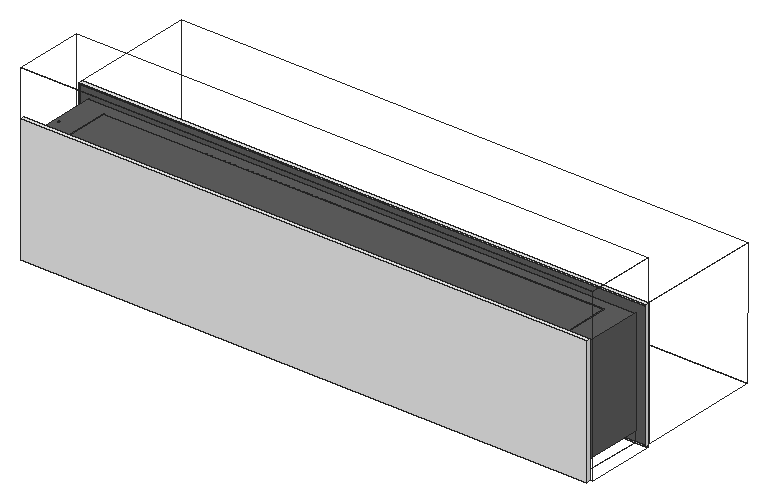
Revit family "AIRTECNICS_AIR CURTAIN_ZEN_ELECTRICAL HEATED (E)123", category Mechanical Equipment, Revit 2016
Family settings
  Part Type = Normal
  Round Connector Dimension = Use Diameter
  OmniClass Number = 23.75.70.21.17
  OmniClass Title = Air Curtains
  Work Plane-Based = No
  Always vertical = Yes
  Cut with Voids When Loaded = No
  Shared = No
  Room Calculation Point = No
Parameters (values of type "ZEN ECG 2000 E")
  · POSITION · [instance] = "-/ Select Curtain Position /-"  # constant formula
  · OTHERS · [instance] = "-/ Select Supports - Inst.Maint. Space /-"  # constant formula
  · HEATING · [instance] = "-/ Select Heating /-"  # constant formula
  Weight [instance] = size_lookup(Name_Lookup_Data, "Weight", 1.00 kg, COD)  # 100.00 kg
  Voltage [instance] = 400 V  # constant formula
  Vertical Right [instance] = no
  Vertical Left [instance] = no
  URL_Manufacturer = "https://www.airtecnics.com"
  URL_Datasheet = "https://www.airtecnics.com/download/file/1959/zen.pdf"
  Supports Length [instance] = 0.0 mm
  Supports (Horizontal) [instance] = if(and(Horizontal, Supports Length > 0.0 mm), 1 = 1, 1 = 0)  # no
  Revit Version = "Revit 2016 - English"  # constant formula
  Review Date = "10/2018"  # constant formula
  Remote Control = "IR-AIR"  # constant formula
  URL = "https://www.airtecnics.com/products/air-curtain-zen"
  Product Size = if(L = 1000.0 mm, "1000", if(L = 1500.0 mm, "1500", if(L = 2000.0 mm, "2000", "2500")))  # "2000"
  Product Reference [instance] = size_lookup(Name_Lookup_Ref, "", "Consult Manufacturer", COD)  # "ZEN ECG 2000 E"
  Product Heating [instance] = if(COD < 300, "E Standard", if(COD < 500, "E Limited 1/3", if(COD < 900, "E Limited 2/3", "Consult Manufacturer")))  # "E Standard"
  Product Description [instance] = size_lookup(Name_Lookup_Data, "", "Consult Manufacturer", COD)  # "Self-supporting casing construction made of galvanized steel plate, finished in structural epoxy-polyester painting white colour RAL9016 as standard. Other colours or stainless steel are available on request. \r\nMicro-perforated inlet grille with filter functions and easy service. It does not need prefilter.\r\nAnodized aluminium outlet vanes, airfoil shaped, adjustable from 0 to 15º each side.\r\nDouble-inlet centrifugal fans driven by an external rotor motor and low noise level. 5-speed selector. EC models assembled with very low consumption efficiency fans. \r\n“E” type with electrical shielded elements, three stages with integrated regulation. \r\nIncludes Plug&Play control with 7m RJ45 cable and infrared remote control. Optional: Clever control (programmable, automatic, intelligent, energy saving, Modbus RTU for BMS…)\r\nAir Volume: 5400 m3/h \r\nFans:  0,45 kW  3,9 A 230Vx1 50Hz\r\nHeating power: 10/20/30 kW (400Vx3)\r\nDimensions: 475x260x2000 mm (depth, height, length)"
  Power Fans Factor [instance] = (Power Fans) / (230 V * Current Fans)  # 0.4979
  Power Fans [instance] = size_lookup(Name_Lookup_Data, "Power Fans", 1 kW, COD)  # 0.426 kW
  Power Factor [instance] = size_lookup(Name_Lookup_Data, "Power Factor", 1, COD)  # 0.95872
  Noise Level (dB(A)) [instance] = size_lookup(Name_Lookup_Data, "Noise Level (dB(A))", 1, COD)  # 63
  Name_Lookup_Ref = "ZEN_(E)_Ref_Lookup"  # constant formula
  Name_Lookup_Data = "ZEN_(E)_Data_Lookup"  # constant formula
  Model = "Air Curtain ZEN E"  # constant formula
  Material Panels [instance] = AIRTECNICS_Alumium Anodized
  Material Grille = AIRTECNICS_Perforated_Black Forge
  Material Curtain [instance] = AIRTECNICS_Black Forge
  M = if(or(G, EC), 1 = 0, 1 = 1)  # no
  Length = if(L = 1000.0 mm, 1220.0 mm, if(L = 1500.0 mm, 1620.0 mm, if(L = 2000.0 mm, 2120.0 mm, 2620.0 mm)))  # 2120.0 mm
  Height = 291.0 mm  # constant formula
  G = yes
  Frequency = 50 Hz  # constant formula
  Fans Stage = 5  # constant formula
  Family Version = "1.0"  # constant formula
  Electrical Heating Capacity (kW) [instance] = if(COD = 211, "3/6/9", if(COD = 221, "4/8/12", if(COD = 241, "6/12/18", if(COD = 281, "6/12/18", if(COD = 212, "5/10/15", if(COD = 222, "7,5/15/22,5", if(COD = 242, "10/20/30", if(COD = 282, "10/20/30", if(COD = 214, "5/10/15", if(COD = 224, "7,5/15/22,5", if(COD = 244, "10/20/30", if(COD = 284, "10/20/30", if(COD = 411, "3/3/3", if(COD = 421, "4/4/4", if(COD = 441, "6/6/6", if(COD = 481, "6/6/6", if(COD = 412, "5/5/5", if(COD = 422, "7.5/7.5/7.5", if(COD = 442, "10/10/10", if(COD = 482, "10/10/10", if(COD = 414, "5/5/5", if(COD = 424, "7.5/7.5/7.5", if(COD = 444, "10/10/10", if(COD = 484, "10/10/10", if(COD = 811, "3/3/6", if(COD = 821, "4/4/8", if(COD = 841, "6/6/12", if(COD = 881, "6/6/12", if(COD = 812, "5/5/10", if(COD = 822, "7.5/7.5/7.5", if(COD = 842, "10/10/20", if(COD = 882, "10/10/20", if(COD = 814, "5/5/10", if(COD = 824, "7.5/7.5/7.5", if(COD = 844, "10/10/20", if(COD = 884, "10/10/20", "-"))))))))))))))))))))))))))))))))))))  # "10/20/30"
  Electrical + Current Fans [instance] = size_lookup(Name_Lookup_Data, "Electrical + Current Fans", 1 A, COD)  # 47.2013 A
  EC = yes
  E Standard [instance] = if(or([E Limited 1/3], [E Limited 2/3]), 1 = 0, 1 = 1)  # yes
  E Limited 2/3 [instance] = no
  E Limited 1/3 [instance] = no
  Depth = 473.0 mm  # constant formula
  Current Fans [instance] = size_lookup(Name_Lookup_Data, "Current Fans", 1 A, COD)  # 3.72 A
  Created by = "BIMETRICAL"  # constant formula
  Control [instance] = "CE-5AW-IR"  # constant formula
  Cable = "CB7"  # constant formula
  COD [instance] = if(M, 1, 0) + if(and(G, not(EC)), 2, 0) + if(and(EC, G), 4, 0) + if(L = 1000.0 mm, 10, 0) + if(L = 1500.0 mm, 20, 0) + if(L = 2000.0 mm, 40, 0) + if(L = 2500.0 mm, 80, 0) + if(E Standard, 200, 0) + if([E Limited 1/3], 400, 0) + if([E Limited 2/3], 800, 0)  # 244
  Aspiration/Maintenance Space [instance] = yes
  Airflow [instance] = size_lookup(Name_Lookup_Data, "Airflow", 1 m³/h, COD)  # 5400 m³/h
  A [instance] = if(Horizontal, 236.5 mm, 0.0 mm)  # 236.5 mm
  L = 2000.0 mm
  Type Image = <None>
  IfcExportType = "ELECTRICHEATINGCOIL"  # constant formula
  IfcExportAs = "IfcCoilType"  # constant formula
  Horizontal [instance] = if(or(Vertical Left, Vertical Right), 1 = 0, 1 = 1)  # yes
  Manufacturer = "AIRTECNICS"  # constant formula
  Description = ""
  Type Comments = "Decorative air curtain in contemporary architectural style. Its minimalist and smart design integrates in any environment and offers infinite options to customize.\r\nThe panels can include logos, lighting, signage, safety or information signs, graphics, pictures, clocks, all according to customer specifications.\r\nFront anodized aluminium panels. Optionally manufactured in brushed or mirror polished stainless steel. Other materials are possible, such as galvanized steel, smooth or texturated skinplate, wood, etc.\r\nCentral structure made of galvanized steel finished in black forge as standard. Other colours are available on request.\r\nAnodized aluminium outlet vanes, airfoil shaped, adjustable in both directions.\r\nDouble-inlet centrifugal fans driven by an external rotor motor and low noise level. 5-speed selector. EC models assembled with very low consumption efficiency fans.\r\n“P” type with water heated coil. “E” type with electrical shielded elements, three stages with integrated regulation. “A” type without heating, air only. Optional expansion DX coil.\r\nIncludes Plug&Play control with 7m RJ45 cable and infrared remote control. Optional: Clever control (programmable, automatic, intelligent, energy saving, Modbus RTU for BMS…)"  # constant formula
  BIMETRICAL Category = "Coil"  # constant formula
  BIMETRICAL = "http://www.bimetrical.com"  # constant formula
  Angle [instance] = if(Horizontal, 0.00°, 90.00°)  # 0.00°
  3rd Phase [instance] = size_lookup(Name_Lookup_Data, "3rd Phase", 1 VA, COD)  # 10000 VA
  2nd Phase [instance] = size_lookup(Name_Lookup_Data, "2nd Phase", 1 VA, COD)  # 10000 VA
  1st Phase [instance] = size_lookup(Name_Lookup_Data, "1st Phase", 1 VA, COD)  # 10900 VA
Types (12, lengths in mm): name | Weight | Product Size | Product Reference | Product Description | Power Fans Factor | Power Fans | Power Factor | Noise Level (dB(A)) | M | Length | G | Electrical Heating Capacity (kW) | Electrical + Current Fans | EC | Current Fans | COD | Airflow | L | 3rd Phase | 2nd Phase | 1st Phase
  ZEN M 1000 E | 37.00 kg | "1000" | "ZEN M 1000 E" | "Self-supporting casing construction made of galvanized steel plate, finished in structural epoxy-polyester painting white colour RAL9016 as standard. Other colours or stainless steel are available on request. \r\nMicro-perforated inlet grille with filter functions and easy service. It does not need prefilter.\r\nAnodized aluminium outlet vanes, airfoil shaped, adjustable from 0 to 15º each side.\r\nDouble-inlet centrifugal fans driven by an external rotor motor and low noise level. 5-speed selector. \r\n“E” type with electrical shielded elements, three stages with integrated regulation. \r\nIncludes Plug&Play control with 7m RJ45 cable and infrared remote control. Optional: Clever control (programmable, automatic, intelligent, energy saving, Modbus RTU for BMS…)\r\nAir Volume: 1800 m3/h \r\nFans:  0,212 kW  0,94 A 230Vx1 50Hz\r\nHeating power: 3/6/9 kW (400Vx3)\r\nDimensions: 475x260x1000 mm (depth, height, length)" | 0.98057 | 0.212 kW | 0.99819 | 55 | yes | 1220.0 | no | "3/6/9" | 13.9304 A | no | 0.94 A | 211 | 1800 m³/h | 1000.0 | 3000 VA | 3000 VA | 3324 VA
  ZEN M 1500 E | 57.00 kg | "1500" | "ZEN M 1500 E" | "Self-supporting casing construction made of galvanized steel plate, finished in structural epoxy-polyester painting white colour RAL9016 as standard. Other colours or stainless steel are available on request. \r\nMicro-perforated inlet grille with filter functions and easy service. It does not need prefilter.\r\nAnodized aluminium outlet vanes, airfoil shaped, adjustable from 0 to 15º each side.\r\nDouble-inlet centrifugal fans driven by an external rotor motor and low noise level. 5-speed selector. \r\n“E” type with electrical shielded elements, three stages with integrated regulation. \r\nIncludes Plug&Play control with 7m RJ45 cable and infrared remote control. Optional: Clever control (programmable, automatic, intelligent, energy saving, Modbus RTU for BMS…)\r\nAir Volume: 2700 m3/h \r\nFans:  0,318 kW  1,41 A 230Vx1 50Hz\r\nHeating power: 4/8/12 kW (400Vx3)\r\nDimensions: 475x260x1500 mm (depth, height, length)" | 0.98057 | 0.318 kW | 0.99819 | 56 | yes | 1620.0 | no | "4/8/12" | 18.7305 A | no | 1.41 A | 221 | 2700 m³/h | 1500.0 | 4000 VA | 4000 VA | 4432 VA
  ZEN M 2000 E | 75.00 kg | "2000" | "ZEN M 2000 E" | "Self-supporting casing construction made of galvanized steel plate, finished in structural epoxy-polyester painting white colour RAL9016 as standard. Other colours or stainless steel are available on request. \r\nMicro-perforated inlet grille with filter functions and easy service. It does not need prefilter.\r\nAnodized aluminium outlet vanes, airfoil shaped, adjustable from 0 to 15º each side.\r\nDouble-inlet centrifugal fans driven by an external rotor motor and low noise level. 5-speed selector. \r\n“E” type with electrical shielded elements, three stages with integrated regulation. \r\nIncludes Plug&Play control with 7m RJ45 cable and infrared remote control. Optional: Clever control (programmable, automatic, intelligent, energy saving, Modbus RTU for BMS…)\r\nAir Volume: 3600 m3/h \r\nFans:  0,424 kW  1,88 A 230Vx1 50Hz\r\nHeating power: 6/12/18 kW (400Vx3)\r\nDimensions: 475x260x2000 mm (depth, height, length)" | 0.98057 | 0.424 kW | 0.99805 | 57 | yes | 2120.0 | no | "6/12/18" | 27.8608 A | no | 1.88 A | 241 | 3600 m³/h | 2000.0 | 6000 VA | 6000 VA | 6648.98 VA
  ZEN M 2500 E | 94.00 kg | "2500" | "ZEN M 2500 E" | "Self-supporting casing construction made of galvanized steel plate, finished in structural epoxy-polyester painting white colour RAL9016 as standard. Other colours or stainless steel are available on request. \r\nMicro-perforated inlet grille with filter functions and easy service. It does not need prefilter.\r\nAnodized aluminium outlet vanes, airfoil shaped, adjustable from 0 to 15º each side.\r\nDouble-inlet centrifugal fans driven by an external rotor motor and low noise level. 5-speed selector. \r\n“E” type with electrical shielded elements, three stages with integrated regulation. \r\nIncludes Plug&Play control with 7m RJ45 cable and infrared remote control. Optional: Clever control (programmable, automatic, intelligent, energy saving, Modbus RTU for BMS…)\r\nAir Volume: 4500 m3/h \r\nFans:  0,53 kW  2,35 A 230Vx1 50Hz\r\nHeating power: 6/12/18 kW (400Vx3)\r\nDimensions: 475x260x2500 mm (depth, height, length)" | 0.98057 | 0.53 kW | 0.99776 | 58 | yes | 2620.0 | no | "6/12/18" | 28.3308 A | no | 2.35 A | 281 | 4500 m³/h | 2500.0 | 6000 VA | 6000 VA | 6757.14 VA
  ZEN G 1000 E | 52.00 kg | "1000" | "ZEN G 1000 E" | "Self-supporting casing construction made of galvanized steel plate, finished in structural epoxy-polyester painting white colour RAL9016 as standard. Other colours or stainless steel are available on request. \r\nMicro-perforated inlet grille with filter functions and easy service. It does not need prefilter.\r\nAnodized aluminium outlet vanes, airfoil shaped, adjustable from 0 to 15º each side.\r\nDouble-inlet centrifugal fans driven by an external rotor motor and low noise level. 5-speed selector. \r\n“E” type with electrical shielded elements, three stages with integrated regulation. \r\nIncludes Plug&Play control with 7m RJ45 cable and infrared remote control. Optional: Clever control (programmable, automatic, intelligent, energy saving, Modbus RTU for BMS…)\r\nAir Volume: 2400 m3/h \r\nFans:  0,642 kW  2,85 A 230Vx1 50Hz\r\nHeating power: 5/10/15 kW (400Vx3)\r\nDimensions: 475x260x1000 mm (depth, height, length)" | 0.97941 | 0.642 kW | 0.99768 | 57 | no | 1220.0 | yes | "5/10/15" | 24.5006 A | no | 2.85 A | 212 | 2400 m³/h | 1000.0 | 5000 VA | 5000 VA | 5655.1 VA
  ZEN G 1500 E | 63.00 kg | "1500" | "ZEN G 1500 E" | "Self-supporting casing construction made of galvanized steel plate, finished in structural epoxy-polyester painting white colour RAL9016 as standard. Other colours or stainless steel are available on request. \r\nMicro-perforated inlet grille with filter functions and easy service. It does not need prefilter.\r\nAnodized aluminium outlet vanes, airfoil shaped, adjustable from 0 to 15º each side.\r\nDouble-inlet centrifugal fans driven by an external rotor motor and low noise level. 5-speed selector. \r\n“E” type with electrical shielded elements, three stages with integrated regulation. \r\nIncludes Plug&Play control with 7m RJ45 cable and infrared remote control. Optional: Clever control (programmable, automatic, intelligent, energy saving, Modbus RTU for BMS…)\r\nAir Volume: 3200 m3/h \r\nFans:  0,856 kW  3,8 A 230Vx1 50Hz\r\nHeating power: 7,5/15/22,5 kW (400Vx3)\r\nDimensions: 475x260x1500 mm (depth, height, length)" | 0.97941 | 0.856 kW | 0.99791 | 58 | no | 1620.0 | yes | "7,5/15/22,5" | 36.276 A | no | 3.8 A | 222 | 3200 m³/h | 1500.0 | 7500 VA | 7500 VA | 8373.47 VA
  ZEN G 2000 E | 100.00 kg | "2000" | "ZEN G 2000 E" | "Self-supporting casing construction made of galvanized steel plate, finished in structural epoxy-polyester painting white colour RAL9016 as standard. Other colours or stainless steel are available on request. \r\nMicro-perforated inlet grille with filter functions and easy service. It does not need prefilter.\r\nAnodized aluminium outlet vanes, airfoil shaped, adjustable from 0 to 15º each side.\r\nDouble-inlet centrifugal fans driven by an external rotor motor and low noise level. 5-speed selector. \r\n“E” type with electrical shielded elements, three stages with integrated regulation. \r\nIncludes Plug&Play control with 7m RJ45 cable and infrared remote control. Optional: Clever control (programmable, automatic, intelligent, energy saving, Modbus RTU for BMS…)\r\nAir Volume: 4800 m3/h \r\nFans:  1,284 kW  5,7 A 230Vx1 50Hz\r\nHeating power: 10/20/30 kW (400Vx3)\r\nDimensions: 475x260x2000 mm (depth, height, length)" | 0.97941 | 1.284 kW | 0.99768 | 59 | no | 2120.0 | yes | "10/20/30" | 49.0013 A | no | 5.7 A | 242 | 4800 m³/h | 2000.0 | 10000 VA | 10000 VA | 11310.2 VA
  ZEN G 2500 E | 106.00 kg | "2500" | "ZEN G 2500 E" | "Self-supporting casing construction made of galvanized steel plate, finished in structural epoxy-polyester painting white colour RAL9016 as standard. Other colours or stainless steel are available on request. \r\nMicro-perforated inlet grille with filter functions and easy service. It does not need prefilter.\r\nAnodized aluminium outlet vanes, airfoil shaped, adjustable from 0 to 15º each side.\r\nDouble-inlet centrifugal fans driven by an external rotor motor and low noise level. 5-speed selector. \r\n“E” type with electrical shielded elements, three stages with integrated regulation. \r\nIncludes Plug&Play control with 7m RJ45 cable and infrared remote control. Optional: Clever control (programmable, automatic, intelligent, energy saving, Modbus RTU for BMS…)\r\nAir Volume: 5600 m3/h \r\nFans:  1,498 kW  6,65 A 230Vx1 50Hz\r\nHeating power: 10/20/30 kW (400Vx3)\r\nDimensions: 475x260x2500 mm (depth, height, length)" | 0.97941 | 1.498 kW | 0.99735 | 60 | no | 2620.0 | yes | "10/20/30" | 49.9513 A | no | 6.65 A | 282 | 5600 m³/h | 2500.0 | 10000 VA | 10000 VA | 11528.6 VA
  ZEN ECG 1000 E | 52.00 kg | "1000" | "ZEN ECG 1000 E" | "Self-supporting casing construction made of galvanized steel plate, finished in structural epoxy-polyester painting white colour RAL9016 as standard. Other colours or stainless steel are available on request. \r\nMicro-perforated inlet grille with filter functions and easy service. It does not need prefilter.\r\nAnodized aluminium outlet vanes, airfoil shaped, adjustable from 0 to 15º each side.\r\nDouble-inlet centrifugal fans driven by an externºal rotor motor and low noise level. 5-speed selector. EC models assembled with very low consumption efficiency fans. \r\n“E” type with electrical shielded elements, three stages with integrated regulation. \r\nIncludes Plug&Play control with 7m RJ45 cable and infrared remote control. Optional: Clever control (programmable, automatic, intelligent, energy saving, Modbus RTU for BMS…)\r\nAir Volume: 2700 m3/h \r\nFans:  0,225 kW  1,95 A 230Vx1 50Hz\r\nHeating power: 5/10/15 kW (400Vx3)\r\nDimensions: 475x260x1000 mm (depth, height, length)" | 0.4979 | 0.213 kW | 0.95872 | 61 | no | 1220.0 | yes | "5/10/15" | 23.6006 A | yes | 1.86 A | 214 | 2700 m³/h | 1000.0 | 5000 VA | 5000 VA | 5450 VA
  ZEN ECG 1500 E | 63.00 kg | "1500" | "ZEN ECG 1500 E" | "Self-supporting casing construction made of galvanized steel plate, finished in structural epoxy-polyester painting white colour RAL9016 as standard. Other colours or stainless steel are available on request. \r\nMicro-perforated inlet grille with filter functions and easy service. It does not need prefilter.\r\nAnodized aluminium outlet vanes, airfoil shaped, adjustable from 0 to 15º each side.\r\nDouble-inlet centrifugal fans driven by an external rotor motor and low noise level. 5-speed selector. EC models assembled with very low consumption efficiency fans. \r\n“E” type with electrical shielded elements, three stages with integrated regulation. \r\nIncludes Plug&Play control with 7m RJ45 cable and infrared remote control. Optional: Clever control (programmable, automatic, intelligent, energy saving, Modbus RTU for BMS…)\r\nAir Volume: 3600 m3/h \r\nFans:  0,3 kW  2,6 A 230Vx1 50Hz\r\nHeating power: 7,5/15/22,5 kW (400Vx3)\r\nDimensions: 475x260x1500 mm (depth, height, length)" | 0.4979 | 0.284 kW | 0.96296 | 62 | no | 1620.0 | yes | "7,5/15/22,5" | 35.076 A | yes | 2.48 A | 224 | 3600 m³/h | 1500.0 | 7500 VA | 7500 VA | 8100 VA
  ZEN ECG 2000 E | 100.00 kg | "2000" | "ZEN ECG 2000 E" | "Self-supporting casing construction made of galvanized steel plate, finished in structural epoxy-polyester painting white colour RAL9016 as standard. Other colours or stainless steel are available on request. \r\nMicro-perforated inlet grille with filter functions and easy service. It does not need prefilter.\r\nAnodized aluminium outlet vanes, airfoil shaped, adjustable from 0 to 15º each side.\r\nDouble-inlet centrifugal fans driven by an external rotor motor and low noise level. 5-speed selector. EC models assembled with very low consumption efficiency fans. \r\n“E” type with electrical shielded elements, three stages with integrated regulation. \r\nIncludes Plug&Play control with 7m RJ45 cable and infrared remote control. Optional: Clever control (programmable, automatic, intelligent, energy saving, Modbus RTU for BMS…)\r\nAir Volume: 5400 m3/h \r\nFans:  0,45 kW  3,9 A 230Vx1 50Hz\r\nHeating power: 10/20/30 kW (400Vx3)\r\nDimensions: 475x260x2000 mm (depth, height, length)" | 0.4979 | 0.426 kW | 0.95872 | 63 | no | 2120.0 | yes | "10/20/30" | 47.2013 A | yes | 3.72 A | 244 | 5400 m³/h | 2000.0 | 10000 VA | 10000 VA | 10900 VA
  ZEN ECG 2500 E | 106.00 kg | "2500" | "ZEN ECG 2500 E" | "Self-supporting casing construction made of galvanized steel plate, finished in structural epoxy-polyester painting white colour RAL9016 as standard. Other colours or stainless steel are available on request. \r\nMicro-perforated inlet grille with filter functions and easy service. It does not need prefilter.\r\nAnodized aluminium outlet vanes, airfoil shaped, adjustable from 0 to 15º each side.\r\nDouble-inlet centrifugal fans driven by an external rotor motor and low noise level. 5-speed selector. EC models assembled with very low consumption efficiency fans. \r\n“E” type with electrical shielded elements, three stages with integrated regulation. \r\nIncludes Plug&Play control with 7m RJ45 cable and infrared remote control. Optional: Clever control (programmable, automatic, intelligent, energy saving, Modbus RTU for BMS…)\r\nAir Volume: 6300 m3/h \r\nFans:  0,525 kW  4,55 A 230Vx1 50Hz\r\nHeating power: 10/20/30 kW (400Vx3)\r\nDimensions: 475x260x2500 mm (depth, height, length)" | 0.4979 | 0.497 kW | 0.95249 | 64 | no | 2620.0 | yes | "10/20/30" | 47.8513 A | yes | 4.34 A | 284 | 6300 m³/h | 2500.0 | 10000 VA | 10000 VA | 11050 VA
Reference planes
  plane 1 "Centro (Frontal/Posterior)": z = 0
  plane 2: y = 246.57
  plane 3 "Centro (Izquierda/Derecha)": x = 0
  plane 4 "Susp": z = 236.5
Lines and regions (mm)
  reference lines
    curve 1: line (0, 246.57, 236.5) -> (-145, 246.57, 236.5)
Dimensions and locks
  "A": plane 4 "Susp" to plane 1 "Centro (Frontal/Posterior)"
  "Angle": angle plane 4 "Susp" to curve 1
  aligned and locked: plane 3 "Centro (Izquierda/Derecha)" to curve 1
  aligned and locked: plane 4 "Susp" to curve 1
Nested families
  nested 1: "GEOM_ZEN_(A-E)" at (0, 246.57, 236.5) x (0, 0, -1) z (1, 0, 0), type "GEOM_ZEN_(A-E)"
    with Z 0.0 mm, Vertical Right no, Vertical Left yes, Vertical no, G 1022.0 mm, Horizontal yes
Connectors
  electrical at (-1007.5, 215.07, 433), driven by "Voltage", driven by "1st Phase", driven by "2nd Phase", driven by "3rd Phase"
    settings: on nested 1, index 1, voltage 400 V, apparent load 0 VA, apparent load phase1 10900 VA, apparent load phase2 10000 VA, apparent load phase3 10000 VA, power factor 1, load classification "HVAC", number of poles 3, system type 31, power factor state 1, is connector primary yes, connector utility no, sub classification motor no, connector description ""
Definition of nested family "GEOM_ZEN_(A-E)"
  Parameters (values of type "GEOM_ZEN_(A-E)")
    des.D = if(or(and(Vertical Right, V1), Horizontal), 361.0 mm, 0.0 mm)  # 361.0 mm
    des.C = if(or(and(Vertical Right, V1), Horizontal), 0.0 mm, 392.0 mm)  # 0.0 mm
    des.B = if(or(and(Vertical Right, V1), Horizontal), 0.0 mm, 298.3 mm)  # 0.0 mm
    Z = if(Horizontal, 0.0 mm, if(L = 1000.0 mm, E / 2 + 18.0 mm, E / 2 + 20.0 mm))  # 1080.0 mm
    Vsup1 = if(and(Vsup, Horizontal, L_Sup > 0.0 mm), 1 = 1, 1 = 0)  # no
    Vsup = no
    Vs2 = if(L > 2000.0 mm, 1 = 1, 1 = 0)  # no
    Vs1 = if(L > 1000.0 mm, 1 = 1, 1 = 0)  # yes
    Vinst2 = if(or(Vinst1, not([Installation/Maintenance Space])), 1 = 0, 1 = 1)  # no
    Vinst1 = if(and([Installation/Maintenance Space], V1), 1 = 1, 1 = 0)  # yes
    Vertical Right = yes
    Vertical Left = if(Vertical Right, 1 = 0, 1 = 1)  # no
    Vertical = if(and(not(Horizontal), or(Vertical Right, Vertical Left)), 1 = 1, 1 = 0)  # yes
    V2 = if(Horizontal, 1 = 0, if(or(Horizontal, Vertical Left), 1 = 1, 1 = 0))  # no
    V1 = if(Horizontal, 1 = 1, if(and(Vertical Right, Vertical), 1 = 1, 1 = 0))  # yes
    Revit Version = "Revit 2016 - English"  # constant formula
    Review Date = "10/18"  # constant formula
    O = if(L = 1000.0 mm, 54.5 mm, 52.5 mm)  # 52.5 mm
    Model = "ZEN"  # constant formula
    Material Perforated = none
    Material Panels = none
    Material Curtain = none
    Family Version = "2.0"  # constant formula
    Manufacturer = "AIRTECNICS"  # constant formula
    M = if(L = 1000.0 mm, L + 162.5 mm, L + 66.5 mm)  # 2066.5 mm
    L_Sup = 0.0 mm
    K = if(L = 2500.0 mm, 833.0 mm, 0.0 mm)  # 0.0 mm
    J = if(L = 1500.0 mm, 764.0 mm, if(L = 2000.0 mm, 1014.0 mm, if(L = 2500.0 mm, 847.0 mm, 573.5 mm)))  # 1014.0 mm
    Installation/Maintenance Space = yes
    H = des.A + 51.0 mm  # 428.5 mm
    G = if(Vertical, I + 58.0 mm, F / 2 + 27.0 mm)  # 2102.0 mm
    L = 2000.0 mm
    des.A = if(or(and(Vertical Right, V1), Horizontal), 377.5 mm, 0.0 mm)  # 377.5 mm
    I = if(L = 1000.0 mm, L + 140.0 mm, L + 44.0 mm)  # 2044.0 mm
    Horizontal = no
    F = I - 54.0 mm  # 1990.0 mm
    E = if(L = 1000.0 mm, L + 220.0 mm, L + 120.0 mm)  # 2120.0 mm
    Default Elevation = 0.0 mm
    Created by = "BIMETRICAL"  # constant formula
    BIMETRICAL = "http://www.bimetrical.com/"  # constant formula
    A.Conn_S = if(or(and(Vertical Right, V1), Horizontal), 180.00°, 0.00°)  # 180.00°
    A.Conn_E = if(or(and(Vertical Right, V1), Horizontal), 180.00°, 0.00°)  # 180.00°
    A = if(L = 1000.0 mm, L + 115.0 mm, L + 15.0 mm)  # 2015.0 mm
  Reference planes
    plane 1 "Centro (Frontal/Posterior)": y = 0
    plane 2: z = 0
    plane 3 "Centro (Izquierda/Derecha)": x = 0
    plane 4: z = 1080
    plane 5: y = -73.25
    plane 6: x = -196.5
    plane 7: z = 2102
    plane 8: x = -196.5
    plane 9: y = -129.5
    plane 10: x = 181
    plane 11: x = 196.495
    plane 12: z = 2639.027
    plane 13: z = 20
    plane 14: z = 2139
    plane 15: z = 1088
    plane 16: z = 1088
    plane 17: z = 72.5
    plane 18: y = -31.5
  Forms (mm)
    Extrusion 1, solid, detail levels medium+fine
      sketch origin (0, 0, 0) x (1, 0, 0) y (0, 1, 0)
        loop
          line (-1219.2, 1219.2) -> (-1219.2, -1219.2) -> (1219.2, -1219.2) -> (1219.2, 1219.2) -> (-1219.2, 1219.2)
      from 0 to -304.8
    Extrusion 2, solid, material <- "Material Panels"
      sketch origin (0, 0, 889.252) x (0, -1, 0) y (1, 0, 0)
        loop
          line (-145.5, 236.5) -> (-145.5, -236.5) -> (-129.5, -236.5) -> (-129.5, 236.5) -> (-145.5, 236.5)
        loop
          line (145.5, 236.5) -> (129.5, 236.5) -> (129.5, -236.5) -> (145.5, -236.5) -> (145.5, 236.5)
      from -869.252 to 1250.748
    Extrusion 3, solid, material <- "Material Curtain"
      sketch origin (0, 0, 889.252) x (0, -1, 0) y (0, 0, 1)
        loop
          line (-129.5, 1212.748) -> (-129.5, -831.252) -> (129.5, -831.252) -> (129.5, 1212.748) -> (-129.5, 1212.748)
      from -196.5 to 196.5
    Extrusion 4, void
      sketch origin (-64.7, -73.5, 0) x (1, 0, 0) y (0, 1, 0)
        loop
          line (261.195, -34.75) -> (261.195, 35.25) -> (245.7, 35.25) -> (245.7, -34.75) -> (261.195, -34.75)
      from 85 to 2075
    Extrusion 5, solid, visible <- "V1", detail levels medium+fine
      sketch origin (0, 0, 1310) x (0, -1, 0) y (-1, 0, 0)
        loop
          line (58.464, -173.27) -> (61.756, -192)
          arc (61.756, -192) -> (63.451, -193.452) -> (65.121, -191.97) r 1.698
          line (65.121, -191.97) -> (68.095, -172.627)
          arc (68.095, -172.627) -> (62.951, -168.018) -> (58.464, -173.27) r 4.828
        loop
          line (78.553, -172.822) -> (81.504, -192.726)
          arc (81.504, -192.726) -> (83.138, -193.439) -> (84.08, -191.926) r 1.363
          line (84.08, -191.926) -> (87.529, -172.626)
          arc (87.529, -172.626) -> (82.938, -168.001) -> (78.553, -172.822) r 4.495
      from -765 to 1225
    Extrusion 6, solid, visible <- "V2", detail levels medium+fine
      sketch origin (0, 0, 1310) x (0, 1, 0) y (1, 0, 0)
        loop
          arc (-58.774, -173.603) -> (-62.891, -168.686) -> (-67.734, -172.889) r 4.495
          line (-67.734, -172.889) -> (-64.759, -192.231)
          arc (-64.759, -192.231) -> (-63.451, -193.452) -> (-62.062, -192.325) r 1.363
          line (-62.062, -192.325) -> (-58.774, -173.603)
        loop
          arc (-78.864, -173.494) -> (-83.098, -168.679) -> (-87.838, -172.998) r 4.495
          line (-87.838, -172.998) -> (-84.395, -192.262)
          arc (-84.395, -192.262) -> (-83.058, -193.451) -> (-81.696, -192.291) r 1.363
          line (-81.696, -192.291) -> (-78.864, -173.494)
      from -765 to 1225
    Extrusion 7, solid, material <- "Material Curtain", visible <- "Vertical"
      sketch origin (-779.074, -4572, 1549) x (-1, 0, 0) y (0, -1, 0)
        loop
          line (-586.574, -4698.5) -> (-586.574, -4445.5) -> (-971.574, -4445.5) -> (-971.574, -4698.5) -> (-586.574, -4698.5)
      from -1491 to -1549
    Extrusion 8, void
      sketch origin (0, 0, 0) x (1, 0, 0) y (0, 1, 0)
        loop
          line (-235.5, -129.5) -> (-235.5, -130.5) -> (235.5, -130.5) -> (235.5, -129.5) -> (-235.5, -129.5)
        loop
          line (-235.5, 129.5) -> (235.5, 129.5) -> (235.5, 130.5) -> (-235.5, 130.5) -> (-235.5, 129.5)
      from 21.021 to 2138.959
    Extrusion 9, void
      sketch origin (0, -0.321, 0) x (0, 1, 0) y (0, 0, 1)
        loop
          line (-102.318, 2014.4) -> (-102.318, 145.6) -> (90.521, 145.6) -> (90.521, 2014.4) -> (-102.318, 2014.4)
      from -101.8 to -196.5
    Extrusion 10, solid, material <- "Material Perforated"
      sketch origin (-60, 0, 0) x (0, 1, 0) y (0, 0, 1)
        loop
          line (-102.639, 2014.4) -> (-102.639, 145.6) -> (90.2, 145.6) -> (90.2, 2014.4) -> (-102.639, 2014.4)
      from -136.5 to -135.5
    Extrusion 11, solid, detail levels medium+fine
      sketch origin (-64.7, -73.5, 2075) x (0, 1, 0) y (1, 0, 0)
        loop
          line (16.25, 261.2) -> (-15.75, 261.2) -> (-15.75, 229.2) -> (16.25, 229.2) -> (16.25, 261.2)
      from 0 to 3
    Extrusion 12, solid, detail levels medium+fine
      sketch origin (-64.7, -73.5, 85) x (1, 0, 0) y (0, 1, 0)
        loop
          line (229.2, 16.25) -> (229.2, -15.75) -> (261.2, -15.75) -> (261.2, 16.25) -> (229.2, 16.25)
      from 0 to 3
    Extrusion 13, solid, visible <- "Vs1", detail levels medium+fine
      sketch origin (0, -702.852, 1088) x (0, -1, 0) y (1, 0, 0)
        loop
          line (-645.602, 164.5) -> (-613.602, 164.5) -> (-613.602, 196.5) -> (-645.602, 196.5) -> (-645.602, 164.5)
      from 0 to -3
    Extrusion 14, solid, material <- "Material Curtain", visible <- "Vs1", detail levels medium+fine
      sketch origin (0, -702.852, 1085) x (1, 0, 0) y (0, -1, 0)
        loop
          line (196.5, -664.602) -> (196.5, -594.602) -> (164.5, -594.602) -> (164.5, -664.602) -> (196.5, -664.602)
      from 0 to 10
    Extrusion 15, solid, visible <- "Vs1", detail levels medium+fine
      sketch origin (0, -702.852, 1075) x (0, 1, 0) y (1, 0, 0)
        loop
          line (645.602, 164.5) -> (645.602, 196.5) -> (613.602, 196.5) -> (613.602, 164.5) -> (645.602, 164.5)
      from 0 to 3
    Extrusion 16, solid, visible <- "Vs2", detail levels medium+fine
      sketch origin (0, -702.852, 1088) x (0, -1, 0) y (1, 0, 0)
        loop
          line (-645.602, 164.5) -> (-613.602, 164.5) -> (-613.602, 196.5) -> (-645.602, 196.5) -> (-645.602, 164.5)
      from 0 to -3
    Extrusion 17, solid, material <- "Material Curtain", visible <- "Vs2", detail levels medium+fine
      sketch origin (0, -702.852, 1085) x (1, 0, 0) y (0, -1, 0)
        loop
          line (164.5, -664.602) -> (196.5, -664.602) -> (196.5, -594.602) -> (164.5, -594.602) -> (164.5, -664.602)
      from 0 to 10
    Extrusion 18, solid, visible <- "Vs2", detail levels medium+fine
      sketch origin (0, -702.852, 1075) x (0, 1, 0) y (1, 0, 0)
        loop
          line (645.602, 164.5) -> (645.602, 196.5) -> (613.602, 196.5) -> (613.602, 164.5) -> (645.602, 164.5)
      from 0 to 3
    Extrusion 19, solid, material <- "Material Curtain"
      sketch origin (-196.5, -31.5, 72.5) x (0, 0, 1) y (0, 1, 0)
        loop
          line (2.5, -2.5) -> (2.5, 2.5) -> (-2.5, 2.5) -> (-2.5, -2.5) -> (2.5, -2.5)
      from 0 to -1
    Extrusion 20, solid, visible <- "Vsup1"
      sketch origin (-196.5, -101, 553.5) x (0, 0, 1) y (0, 1, 0)
        loop
          circle (1534, 202) r 4
        loop
          circle (1534, 0) r 4
        loop
          circle (-481, 0) r 4
        loop
          circle (-481, 202) r 4
      from -1 to 0
    Extrusion 21, solid, visible <- "Vinst2"
      sketch origin (0, -31.5, 92.379) x (0, 0, 1) y (1, 0, 0)
        loop
          line (2009.621, -236.5) -> (2057.621, -236.5) -> (2057.621, 398.063) -> (-82.379, 398.063) -> (-82.379, -236.5) -> (-34.379, -236.5) -> (-34.379, 196.5) -> (2009.621, 196.5) -> (2009.621, -236.5)
      from -98 to 161
    Extrusion 22, solid, visible <- "Vinst1"
      sketch origin (0, -31.5, 92.379) x (0, 0, 1) y (1, 0, 0)
        loop
          line (2009.621, 236.5) -> (2009.621, -196.5) -> (-34.379, -196.5) -> (-34.379, 236.5) -> (-82.379, 236.5) -> (-82.379, -398.063) -> (2057.621, -398.063) -> (2057.621, 236.5) -> (2009.621, 236.5)
      from -98 to 161
    Extrusion 23, solid, visible <- "Installation/Maintenance Space"
      sketch origin (0, -97, 553.5) x (1, 0, 0) y (0, -1, 0)
        loop
          line (-236.5, -226.5) -> (-236.5, -706.5) -> (236.5, -706.5) -> (236.5, -226.5) -> (-236.5, -226.5)
      from -1586.5 to 533.5
    Extrusion 24, solid, material <- "Material Curtain"
      sketch origin (0, 0, 2138.959) x (0, 1, 0) y (1, 0, 0)
        loop
          line (130.5, 235.5) -> (129.5, 235.5) -> (129.5, -235.5) -> (130.5, -235.5) -> (130.5, 235.5)
        loop
          line (-129.5, 235.5) -> (-130.5, 235.5) -> (-130.5, -235.5) -> (-129.5, -235.5) -> (-129.5, 235.5)
      from 0 to 2117.939
  Cuts and joins
    Extrusion 4, Extrusion 8 cuts Extrusion 2
    Extrusion 4, Extrusion 9 cuts Extrusion 3
  Lines and regions (mm)
    reference lines
      curve 1: line (-196.5, -31.5, 72.5) -> (0, -31.5, 72.5)
      curve 2: line (-196.5, -101, 553.5) -> (0, -101, 553.5)
    symbolic lines
      curve 3: line (-236.5, 145.5, 553.5) -> (236.5, 145.5, 553.5)
      curve 4: line (-236.5, 129.5, 553.5) -> (-236.5, 145.5, 553.5)
      curve 5: line (236.5, 129.5, 553.5) -> (-236.5, 129.5, 553.5)
      curve 6: line (236.5, 145.5, 553.5) -> (236.5, 129.5, 553.5)
      curve 7: line (-196.5, 129.5, 553.5) -> (196.5, 129.5, 553.5)
      curve 8: line (-196.5, -129.5, 553.5) -> (-196.5, 129.5, 553.5)
      curve 9: line (196.5, -129.5, 553.5) -> (-196.5, -129.5, 553.5)
      curve 10: line (196.5, 129.5, 553.5) -> (196.5, -129.5, 553.5)
      curve 11: line (-236.5, -145.5, 553.5) -> (236.5, -145.5, 553.5)
      curve 12: line (-236.5, -129.5, 553.5) -> (-236.5, -145.5, 553.5)
      curve 13: line (236.5, -129.5, 553.5) -> (-236.5, -129.5, 553.5)
      curve 14: line (236.5, -145.5, 553.5) -> (236.5, -129.5, 553.5)
      curve 15: line (0, 145.5, 2140) -> (0, 129.5, 2140)
      curve 16: line (0, 145.5, 20) -> (0, 145.5, 2140)
      curve 17: line (0, 129.5, 20) -> (0, 145.5, 20)
      curve 18: line (0, 129.5, 2140) -> (0, 129.5, 20)
      curve 19: line (0, -145.5, 2140) -> (0, -129.5, 2140)
      curve 20: line (0, -145.5, 20) -> (0, -145.5, 2140)
      curve 21: line (0, -129.5, 20) -> (0, -145.5, 20)
      curve 22: line (0, -129.5, 2140) -> (0, -129.5, 20)
      curve 23: line (0, -129.5, 2102) -> (0, 129.5, 2102)
      curve 24: line (0, -129.5, 58) -> (0, -129.5, 2102)
      curve 25: line (0, 129.5, 58) -> (0, -129.5, 58)
      curve 26: line (0, 129.5, 2102) -> (0, 129.5, 58)
      curve 69: line (0, -58.444, 2075) -> (0, -68.095, 2075)
      curve 70: line (0, -58.444, 85) -> (0, -58.444, 2075)
      curve 71: line (0, -68.095, 85) -> (0, -58.444, 85)
      curve 72: line (0, -68.095, 2075) -> (0, -68.095, 85)
      curve 73: line (0, -87.838, 85) -> (0, -78.541, 85)
      curve 74: line (0, -87.838, 2075) -> (0, -87.838, 85)
      curve 75: line (0, -78.541, 2075) -> (0, -87.838, 2075)
      curve 76: line (0, -78.541, 85) -> (0, -78.541, 2075)
    symbolic lines, visible <- "Vertical"
      curve 27: line (0, 126.5, 0) -> (0, -126.5, 0)
      curve 28: line (0, 126.5, 58) -> (0, 126.5, 0)
      curve 29: line (0, -126.5, 58) -> (0, 126.5, 58)
      curve 30: line (0, -126.5, 0) -> (0, -126.5, 58)
    symbolic lines, visible <- "Vinst2"
      curve 31: line (-236.5, -31.5, 2150) -> (398.063, -31.5, 2150)
      curve 32: line (398.063, -31.5, 2150) -> (398.063, -31.5, 10)
      curve 33: line (398.063, -31.5, 10) -> (-236.5, -31.5, 10)
      curve 41: line (196.5, 129.5, 553.5) -> (398.063, 129.5, 553.5)
      curve 42: line (196.5, -129.5, 553.5) -> (196.5, 129.5, 553.5)
      curve 43: line (398.063, -129.5, 553.5) -> (196.5, -129.5, 553.5)
      curve 44: line (398.063, 129.5, 553.5) -> (398.063, -129.5, 553.5)
      curve 77: line (-236.5, -31.5, 2150) -> (-236.5, -31.5, 2140)
      curve 84: line (-236.5, -31.5, 10) -> (-236.5, -31.5, 20)
    symbolic lines, visible <- "Vinst1"
      curve 34: line (236.5, -31.5, 2150) -> (-398.063, -31.5, 2150)
      curve 35: line (-398.063, -31.5, 2150) -> (-398.063, -31.5, 10)
      curve 36: line (-398.063, -31.5, 10) -> (236.5, -31.5, 10)
      curve 45: line (-196.5, 129.5, 553.5) -> (-398.063, 129.5, 553.5)
      curve 46: line (-196.5, -129.5, 553.5) -> (-196.5, 129.5, 553.5)
      curve 47: line (-398.063, -129.5, 553.5) -> (-196.5, -129.5, 553.5)
      curve 48: line (-398.063, 129.5, 553.5) -> (-398.063, -129.5, 553.5)
      curve 78: line (236.5, -31.5, 2150) -> (236.5, -31.5, 2140)
      curve 83: line (236.5, -31.5, 10) -> (236.5, -31.5, 20)
    symbolic lines, visible <- "Installation/Maintenance Space"
      curve 37: line (-236.5, 609.5, 553.5) -> (236.5, 609.5, 553.5)
      curve 38: line (-236.5, 129.5, 553.5) -> (-236.5, 609.5, 553.5)
      curve 39: line (236.5, 129.5, 553.5) -> (-236.5, 129.5, 553.5)
      curve 40: line (236.5, 609.5, 553.5) -> (236.5, 129.5, 553.5)
      curve 49: line (0, 129.5, 2140) -> (0, 609.5, 2140)
      curve 50: line (0, 129.5, 20) -> (0, 129.5, 2140)
      curve 51: line (0, 609.5, 20) -> (0, 129.5, 20)
      curve 52: line (0, 609.5, 2140) -> (0, 609.5, 20)
    symbolic lines, visible <- "V2"
      curve 53: arc (-173.603, -58.774, 553.5) -> (-168.686, -62.891, 553.5) -> (-172.889, -67.734, 553.5) r 4.495
      curve 54: arc (-192.231, -64.759, 553.5) -> (-193.452, -63.451, 553.5) -> (-192.325, -62.062, 553.5) r 1.363
      curve 55: arc (-173.494, -78.864, 553.5) -> (-168.679, -83.098, 553.5) -> (-172.998, -87.838, 553.5) r 4.495
      curve 56: arc (-192.262, -84.395, 553.5) -> (-193.451, -83.058, 553.5) -> (-192.291, -81.696, 553.5) r 1.363
      curve 57: line (-172.889, -67.734, 553.5) -> (-192.231, -64.759, 553.5)
      curve 58: line (-192.325, -62.062, 553.5) -> (-173.603, -58.774, 553.5)
      curve 59: line (-172.998, -87.838, 553.5) -> (-192.262, -84.395, 553.5)
      curve 60: line (-192.291, -81.696, 553.5) -> (-173.494, -78.864, 553.5)
    symbolic lines, visible <- "V1"
      curve 61: arc (173.27, -58.464, 553.5) -> (168.018, -62.951, 553.5) -> (172.627, -68.095, 553.5) r 4.828
      curve 62: arc (191.97, -65.121, 553.5) -> (193.452, -63.451, 553.5) -> (192, -61.756, 553.5) r 1.698
      curve 63: arc (172.822, -78.553, 553.5) -> (168.001, -82.938, 553.5) -> (172.626, -87.529, 553.5) r 4.495
      curve 64: arc (191.926, -84.08, 553.5) -> (193.439, -83.138, 553.5) -> (192.726, -81.504, 553.5) r 1.363
      curve 65: line (172.627, -68.095, 553.5) -> (191.97, -65.121, 553.5)
      curve 66: line (192, -61.756, 553.5) -> (173.27, -58.464, 553.5)
      curve 67: line (172.626, -87.529, 553.5) -> (191.926, -84.08, 553.5)
      curve 68: line (192.726, -81.504, 553.5) -> (172.822, -78.553, 553.5)
    symbolic lines, visible <- "Vsup1"
      curve 79: circle (0, 101, 2087.5) r 4 normal (1, 0, 0)
      curve 80: circle (0, -101, 2087.5) r 4 normal (1, 0, 0)
      curve 81: circle (0, -101, 72.5) r 4 normal (1, 0, 0)
      curve 82: circle (0, 101, 72.5) r 4 normal (1, 0, 0)
  Dimensions and locks
    Extrusion 2 sketch curve to Extrusion 2 sketch curve = 473.0 mm  (x2)
    Extrusion 3 sketch curve to Extrusion 3 sketch curve = 2044.0 mm
    locked: Extrusion 3 to Extrusion 3 at 393
    "E": Extrusion 2 to Extrusion 2
    equal spacing: Extrusion 2, plane 4, Extrusion 2
    equal spacing: Extrusion 3, plane 4, Extrusion 3
    "I": Extrusion 3 to Extrusion 3
    locked: Extrusion 2 to Extrusion 2 at 473
    locked: Extrusion 2 to Extrusion 2 at 16  (x2)
    locked: Extrusion 2 to Extrusion 2 at 291
    "Z": plane 4 to level
    equal spacing: Extrusion 2, plane 3 "Centro (Izquierda/Derecha)", Extrusion 2
    equal spacing: Extrusion 3, plane 3 "Centro (Izquierda/Derecha)", Extrusion 3
    equal spacing: Extrusion 2, plane 1 "Centro (Frontal/Posterior)", Extrusion 2
    locked: plane 1 "Centro (Frontal/Posterior)" to plane 5 at 73.25
    equal spacing: Extrusion 6, plane 4, Extrusion 6
    "F": Extrusion 6 to Extrusion 6
    locked: plane 3 "Centro (Izquierda/Derecha)" to plane 8 at 196.5
    locked: plane 1 "Centro (Frontal/Posterior)" to plane 9 at 129.5
    "G": plane 7 to level
    locked: plane 10 to plane 11 at 15.495
    locked: Extrusion 4 sketch curve to Extrusion 4 sketch curve at 70
    equal spacing: Extrusion 4 sketch curve, plane 5, Extrusion 4 sketch curve
    locked: Extrusion 7 to Extrusion 7 at 58
    locked: plane 8 to Extrusion 5 sketch curve at 364.507
    locked: plane 8 to Extrusion 5 sketch curve at 364.5
    locked: plane 8 to Extrusion 5 sketch curve at 389.952
    locked: plane 8 to Extrusion 5 sketch curve at 390
    locked: cut or joined group of Extrusion 2, Extrusion 4, Extrusion 8 to Extrusion 8 sketch curve at 1
    locked: Extrusion 8 sketch curve to cut or joined group of Extrusion 2, Extrusion 4, Extrusion 8 at 1
    plane 12 to cut or joined group of Extrusion 2, Extrusion 4, Extrusion 8 = 499.027 mm
    equal spacing: Extrusion 7, plane 1 "Centro (Frontal/Posterior)", Extrusion 7
    locked: Extrusion 7 to Extrusion 7 at 253
    equal spacing: Extrusion 7, plane 3 "Centro (Izquierda/Derecha)", Extrusion 7
    locked: Extrusion 7 to Extrusion 7 at 385
    locked: plane 8 to Extrusion 6 sketch curve at 3.049
    locked: plane 8 to Extrusion 6 sketch curve at 3.048
    locked: plane 8 to Extrusion 6 sketch curve at 27.828  (x2)
    locked: Extrusion 9 sketch curve to plane 7 at 87.6
    locked: Extrusion 9 sketch curve to cut or joined group of Extrusion 3, Extrusion 4, Extrusion 9 at 87.6
    locked: Extrusion 9 to Extrusion 9 at 94.7
    "des.B": plane 8 to Extrusion 9
    locked: Extrusion 10 to Extrusion 10 at 1
    "des.C": plane 8 to Extrusion 10
    locked: plane 7 to plane 14 at 37
    locked: cut or joined group of Extrusion 3, Extrusion 4, Extrusion 9 to plane 1 "Centro (Frontal/Posterior)" at 90.2
    locked: cut or joined group of Extrusion 3, Extrusion 4, Extrusion 9 to plane 1 "Centro (Frontal/Posterior)" at 102.639
    locked: Extrusion 11 sketch curve to Extrusion 11 sketch curve at 32  (x2)
    locked: Extrusion 11 sketch curve to plane 5 at 16
    locked: Extrusion 11 to cut or joined group of Extrusion 3, Extrusion 4, Extrusion 9 at 3
    locked: Extrusion 12 sketch curve to Extrusion 12 sketch curve at 32  (x2)
    locked: plane 5 to Extrusion 12 sketch curve at 16
    locked: cut or joined group of Extrusion 3, Extrusion 4, Extrusion 9 to Extrusion 12 at 3
    "des.D": cut or joined group of Extrusion 3, Extrusion 4, Extrusion 9 to Extrusion 11 sketch curve
    "des.D": plane 8 to Extrusion 12 sketch curve
    plane 7 to plane 4 to cut or joined group of Extrusion 3, Extrusion 4, Extrusion 9 = 1022.0 mm, 1022.0 mm
    "J": plane 7 to plane 15
    locked: Extrusion 13 sketch curve to Extrusion 13 sketch curve at 32  (x2)
    locked: plane 5 to Extrusion 13 sketch curve at 16
    locked: Extrusion 13 to plane 15 at 3
    "des.D": plane 8 to Extrusion 13 sketch curve
    locked: Extrusion 14 sketch curve to Extrusion 14 sketch curve at 32
    locked: Extrusion 14 sketch curve to plane 5 at 35
    locked: Extrusion 14 sketch curve to Extrusion 14 sketch curve at 70
    locked: Extrusion 14 to Extrusion 14 at 10
    locked: Extrusion 15 sketch curve to Extrusion 15 sketch curve at 32  (x2)
    locked: Extrusion 15 sketch curve to plane 5 at 16
    locked: Extrusion 15 to Extrusion 14 at 3
    locked: Extrusion 16 sketch curve to Extrusion 16 sketch curve at 32  (x2)
    locked: plane 5 to Extrusion 16 sketch curve at 16
    "des.D": plane 8 to Extrusion 16 sketch curve
    locked: Extrusion 16 to plane 16 at 3
    locked: Extrusion 17 sketch curve to Extrusion 17 sketch curve at 32
    locked: plane 5 to Extrusion 17 sketch curve at 35
    locked: Extrusion 17 sketch curve to Extrusion 17 sketch curve at 70
    locked: Extrusion 17 to Extrusion 17 at 10
    locked: Extrusion 18 to Extrusion 18 at 3
    "K": plane 15 to plane 16
    locked: plane 18 to cut or joined group of Extrusion 2, Extrusion 4, Extrusion 8 at 177
    locked: curve 1 to curve 1 at 196.5
    "M": plane 17 to plane 14
    "L_Sup": Extrusion 20 to cut or joined group of Extrusion 3, Extrusion 4, Extrusion 9
    cut or joined group of Extrusion 2, Extrusion 4, Extrusion 8 to Extrusion 20 sketch curve = 44.5 mm
    locked: Extrusion 20 sketch curve to cut or joined group of Extrusion 2, Extrusion 4, Extrusion 8 at 44.5  (x2)
    locked: cut or joined group of Extrusion 2, Extrusion 4, Extrusion 8 to Extrusion 20 sketch curve at 44.5
    locked: Extrusion 21 to plane 9 at 259
    locked: Extrusion 21 sketch curve to Extrusion 21 sketch curve at 48  (x2)
    locked: Extrusion 21 sketch curve to Extrusion 21 sketch curve at 634.563  (x2)
    locked: Extrusion 21 sketch curve to Extrusion 21 sketch curve at 201.563
    locked: Extrusion 22 sketch curve to Extrusion 22 sketch curve at 48  (x2)
    locked: Extrusion 22 sketch curve to Extrusion 22 sketch curve at 634.563  (x2)
    locked: Extrusion 22 sketch curve to Extrusion 22 sketch curve at 201.563
    locked: Extrusion 23 sketch curve to Extrusion 23 sketch curve at 480
    locked: plane 1 "Centro (Frontal/Posterior)" to Extrusion 23 sketch curve at 129.5
    "des.A": plane 8 to plane 10
    locked: curve 77 to curve 77 at 10
    locked: curve 78 to curve 78 at 10
    "O": cut or joined group of Extrusion 2, Extrusion 4, Extrusion 8 to Extrusion 20 sketch curve  (x4)
    locked: cut or joined group of Extrusion 2, Extrusion 4, Extrusion 8 to cut or joined group of Extrusion 2, Extrusion 4, Extrusion 8 at 1.041
    locked: cut or joined group of Extrusion 2, Extrusion 4, Extrusion 8 to cut or joined group of Extrusion 2, Extrusion 4, Extrusion 8 at 1.021
    "A.Conn_E": angle curve 1 to plane 18
    aligned and locked: plane 2 to Extrusion 1
    aligned and locked: level to Extrusion 1
    aligned and locked: Extrusion 3 to Extrusion 2  (x2)
    aligned and locked: Extrusion 2 to Extrusion 2  (x2)
    aligned and locked: plane 11 to Extrusion 4 sketch curve  (x2)
    aligned and locked: cut or joined group of Extrusion 3, Extrusion 4, Extrusion 9 to Extrusion 6
    aligned and locked: cut or joined group of Extrusion 3, Extrusion 4, Extrusion 9 to Extrusion 5
    aligned and locked: Extrusion 6 to cut or joined group of Extrusion 3, Extrusion 4, Extrusion 9
    aligned and locked: Extrusion 5 to cut or joined group of Extrusion 3, Extrusion 4, Extrusion 9
    aligned and locked: cut or joined group of Extrusion 3, Extrusion 4, Extrusion 9 to Extrusion 10  (x3)
    aligned and locked: Extrusion 10 to cut or joined group of Extrusion 3, Extrusion 4, Extrusion 9
    aligned and locked: Extrusion 18 sketch curve to Extrusion 12  (x4)
    aligned and locked: plane 3 "Centro (Izquierda/Derecha)" to curve 1
    aligned and locked: plane 18 to curve 1
    aligned and locked: plane 3 "Centro (Izquierda/Derecha)" to curve 2
    aligned and locked: curve 3 to cut or joined group of Extrusion 2, Extrusion 4, Extrusion 8
    aligned and locked: curve 5 to cut or joined group of Extrusion 2, Extrusion 4, Extrusion 8
    aligned and locked: curve 6 to cut or joined group of Extrusion 2, Extrusion 4, Extrusion 8
    aligned and locked: curve 7 to curve 5
    aligned and locked: curve 8 to cut or joined group of Extrusion 3, Extrusion 4, Extrusion 9
    aligned and locked: curve 9 to cut or joined group of Extrusion 3, Extrusion 4, Extrusion 9
    aligned and locked: curve 10 to cut or joined group of Extrusion 3, Extrusion 4, Extrusion 9
    aligned and locked: curve 11 to cut or joined group of Extrusion 2, Extrusion 4, Extrusion 8
    aligned and locked: curve 12 to cut or joined group of Extrusion 2, Extrusion 4, Extrusion 8
    aligned and locked: curve 13 to cut or joined group of Extrusion 2, Extrusion 4, Extrusion 8
    aligned and locked: curve 14 to cut or joined group of Extrusion 2, Extrusion 4, Extrusion 8
    aligned and locked: curve 15 to cut or joined group of Extrusion 2, Extrusion 4, Extrusion 8
    aligned and locked: curve 16 to cut or joined group of Extrusion 2, Extrusion 4, Extrusion 8
    aligned and locked: cut or joined group of Extrusion 2, Extrusion 4, Extrusion 8 to curve 17
    aligned and locked: curve 18 to cut or joined group of Extrusion 2, Extrusion 4, Extrusion 8
    aligned and locked: curve 19 to cut or joined group of Extrusion 2, Extrusion 4, Extrusion 8
    aligned and locked: curve 20 to cut or joined group of Extrusion 2, Extrusion 4, Extrusion 8
    aligned and locked: curve 21 to cut or joined group of Extrusion 2, Extrusion 4, Extrusion 8
    aligned and locked: curve 22 to cut or joined group of Extrusion 2, Extrusion 4, Extrusion 8
    aligned and locked: curve 23 to cut or joined group of Extrusion 3, Extrusion 4, Extrusion 9
    aligned and locked: curve 24 to curve 22
    aligned and locked: curve 25 to cut or joined group of Extrusion 3, Extrusion 4, Extrusion 9
    aligned and locked: curve 18 to curve 26
    aligned and locked: curve 27 to Extrusion 7
    aligned and locked: curve 28 to Extrusion 7
    aligned and locked: curve 29 to curve 25
    aligned and locked: curve 30 to Extrusion 7
    aligned and locked: Extrusion 21 to plane 9
    aligned and locked: plane 9 to Extrusion 21
    aligned and locked: Extrusion 21 to plane 7
    aligned and locked: Extrusion 21 sketch curve to cut or joined group of Extrusion 3, Extrusion 4, Extrusion 9
    aligned and locked: Extrusion 22 sketch curve to plane 7
    aligned and locked: Extrusion 21 to Extrusion 22
    aligned and locked: Extrusion 22 to Extrusion 21
    aligned and locked: cut or joined group of Extrusion 2, Extrusion 4, Extrusion 8 to Extrusion 23  (x2)
    aligned and locked: curve 32 to Extrusion 21
    aligned and locked: curve 35 to Extrusion 22
    aligned and locked: curve 38 to Extrusion 23
    aligned and locked: curve 40 to Extrusion 23
    aligned and locked: curve 7 to curve 41
    aligned and locked: curve 42 to curve 10
    aligned and locked: curve 43 to Extrusion 21
    aligned and locked: curve 44 to Extrusion 21
    aligned and locked: curve 47 to Extrusion 22
    aligned and locked: curve 48 to Extrusion 22
    aligned and locked: curve 50 to curve 18
    aligned and locked: curve 51 to Extrusion 23
    aligned and locked: curve 69 to Extrusion 5
    aligned and locked: Extrusion 5 to curve 71
    aligned and locked: curve 72 to Extrusion 5
    aligned and locked: cut or joined group of Extrusion 3, Extrusion 4, Extrusion 9 to curve 75
    aligned and locked: curve 73 to cut or joined group of Extrusion 3, Extrusion 4, Extrusion 9
    aligned and locked: plane 10 to Extrusion 4 sketch curve
    aligned and locked: curve 31 to Extrusion 21
    aligned and locked: curve 77 to Extrusion 21
    aligned and locked: curve 78 to Extrusion 22
    aligned and locked: curve 34 to Extrusion 22
    aligned and locked: curve 33 to Extrusion 22
    aligned and locked: curve 36 to Extrusion 22
    aligned and locked: curve 80 to Extrusion 20
    aligned and locked: curve 79 to Extrusion 20
    aligned and locked: curve 82 to Extrusion 20
    aligned and locked: curve 81 to Extrusion 20
    aligned and locked: Extrusion 24 sketch curve to cut or joined group of Extrusion 2, Extrusion 4, Extrusion 8  (x8)
    aligned and locked: Extrusion 24 to cut or joined group of Extrusion 2, Extrusion 4, Extrusion 8
  Automatic sketch dimensions
    Extrusion 1 sketch curve to Extrusion 1 sketch curve = 2438.4 mm  (x2)
    curve 2 to plane 6 = 0.0 mm
    curve 2 to plane 3 "Centro (Izquierda/Derecha)" = 0.0 mm
    curve 2 to plane 5 = 27.75 mm
    curve 74 to plane 5 = 14.588 mm
    curve 73 to plane 5 = 5.291 mm
    curve 71 to curve 71 = 9.651 mm
    curve 16 to curve 52 = 464.0 mm
    Extrusion 2 sketch curve to plane 9 = 0.0 mm
    Extrusion 2 sketch curve to plane 1 "Centro (Frontal/Posterior)" = 129.5 mm
    Extrusion 2 sketch curve to Extrusion 2 sketch curve = 16.0 mm  (x2)
    Extrusion 2 sketch curve to plane 6 = 40.0 mm  (x2)
    plane 3 "Centro (Izquierda/Derecha)" to Extrusion 2 sketch curve = 236.5 mm
    Extrusion 3 sketch curve to plane 7 = 0.0 mm
    Extrusion 3 sketch curve to plane 9 = 0.0 mm
    Extrusion 3 sketch curve to plane 1 "Centro (Frontal/Posterior)" = 129.5 mm
    Extrusion 3 sketch curve to plane 17 = 14.5 mm
    plane 5 to Extrusion 5 sketch curve = 14.786 mm
    plane 5 to Extrusion 5 sketch curve = 11.494 mm
    Extrusion 5 sketch curve to Extrusion 5 sketch curve = 4.808 mm
    Extrusion 5 sketch curve to Extrusion 5 sketch curve = 1.68 mm
    Extrusion 5 sketch curve to Extrusion 5 sketch curve = 1.684 mm
    Extrusion 5 sketch curve to Extrusion 5 sketch curve = 4.823 mm
    Extrusion 5 sketch curve to plane 5 = 5.303 mm
    Extrusion 5 sketch curve to plane 5 = 8.254 mm
    Extrusion 5 sketch curve to Extrusion 5 sketch curve = 1.229 mm
    Extrusion 5 sketch curve to Extrusion 5 sketch curve = 4.483 mm
    Extrusion 5 sketch curve to Extrusion 5 sketch curve = 1.346 mm
    Extrusion 5 sketch curve to Extrusion 5 sketch curve = 4.493 mm
    plane 3 "Centro (Izquierda/Derecha)" to Extrusion 5 sketch curve = 172.495 mm
    Extrusion 5 sketch curve to Extrusion 5 sketch curve = 0.195 mm
    Extrusion 5 sketch curve to Extrusion 5 sketch curve = 18.919 mm
    Extrusion 5 sketch curve to Extrusion 5 sketch curve = 0.043 mm
    Extrusion 6 sketch curve to plane 5 = 14.588 mm
    plane 6 to Extrusion 6 sketch curve = 4.238 mm
    Extrusion 6 sketch curve to plane 5 = 11.145 mm
    Extrusion 6 sketch curve to Extrusion 6 sketch curve = 4.492 mm
    Extrusion 6 sketch curve to Extrusion 6 sketch curve = 1.352 mm
    plane 6 to Extrusion 6 sketch curve = 4.209 mm
    Extrusion 6 sketch curve to Extrusion 6 sketch curve = 4.483 mm
    plane 5 to Extrusion 6 sketch curve = 5.516 mm
    plane 6 to Extrusion 6 sketch curve = 4.269 mm
    plane 5 to Extrusion 6 sketch curve = 8.491 mm
    Extrusion 6 sketch curve to Extrusion 6 sketch curve = 1.355 mm
    Extrusion 6 sketch curve to Extrusion 6 sketch curve = 4.486 mm
    plane 6 to Extrusion 6 sketch curve = 4.175 mm
    Extrusion 6 sketch curve to Extrusion 6 sketch curve = 4.473 mm
    Extrusion 6 sketch curve to Extrusion 6 sketch curve = 18.723 mm
    Extrusion 6 sketch curve to Extrusion 6 sketch curve = 0.605 mm
    plane 3 "Centro (Izquierda/Derecha)" to Extrusion 7 sketch curve = 192.5 mm
    plane 6 to Extrusion 7 sketch curve = 4.0 mm
    Extrusion 7 sketch curve to plane 1 "Centro (Frontal/Posterior)" = 126.5 mm
    plane 9 to Extrusion 7 sketch curve = 3.0 mm
    Extrusion 8 sketch curve to plane 9 = 0.0 mm
    Extrusion 8 sketch curve to plane 6 = 39.0 mm
    plane 3 "Centro (Izquierda/Derecha)" to Extrusion 8 sketch curve = 235.5 mm
    Extrusion 8 sketch curve to Extrusion 8 sketch curve = 1.0 mm  (x2)
    plane 9 to Extrusion 9 sketch curve = 26.861 mm
    Extrusion 9 sketch curve to plane 1 "Centro (Frontal/Posterior)" = 90.2 mm
    plane 9 to Extrusion 10 sketch curve = 26.861 mm
    Extrusion 10 sketch curve to plane 1 "Centro (Frontal/Posterior)" = 90.2 mm
    plane 17 to Extrusion 10 sketch curve = 73.1 mm
    Extrusion 14 sketch curve to Extrusion 13 = 0.0 mm
    Extrusion 15 sketch curve to Extrusion 14 = 0.0 mm
    Extrusion 17 sketch curve to Extrusion 16 = 0.0 mm
    Extrusion 19 sketch curve to plane 17 = 2.5 mm
    plane 17 to Extrusion 19 sketch curve = 2.5 mm
    Extrusion 19 sketch curve to plane 18 = 2.5 mm
    plane 18 to Extrusion 19 sketch curve = 2.5 mm
    plane 6 to curve 58 = 4.175 mm
    plane 6 to curve 60 = 4.209 mm
    curve 56 to curve 59 = 0.029 mm
    curve 54 to curve 57 = 0.094 mm
    curve 54 to curve 54 = 0.236 mm
    curve 59 to curve 56 = 0.174 mm
    curve 54 to curve 58 = 18.723 mm
    curve 60 to plane 5 = 5.614 mm
    curve 60 to curve 60 = 18.797 mm
    curve 55 to curve 55 = 0.328 mm
    curve 53 to curve 53 = 0.436 mm
    curve 55 to curve 59 = 0.169 mm
    plane 5 to curve 57 = 5.516 mm
    curve 53 to curve 57 = 0.277 mm
    curve 63 to plane 5 = 9.786 mm
    curve 63 to curve 9 = 24.005 mm
    curve 67 to plane 5 = 14.279 mm
    curve 63 to curve 67 = 0.131 mm
    plane 5 to curve 65 = 5.155 mm
    curve 63 to curve 65 = 0.133 mm
    curve 68 to plane 5 = 5.303 mm
    curve 61 to curve 61 = 0.207 mm
    plane 5 to curve 66 = 14.786 mm
    curve 61 to curve 66 = 0.435 mm
    curve 61 to curve 62 = 18.919 mm
    curve 67 to plane 5 = 10.83 mm
    curve 63 to curve 67 = 19.432 mm
    plane 5 to curve 65 = 8.129 mm
    curve 62 to curve 65 = 0.216 mm
    plane 5 to curve 66 = 11.494 mm
    curve 62 to curve 66 = 0.246 mm
    curve 64 to curve 64 = 0.211 mm
    curve 68 to plane 5 = 8.254 mm
    curve 64 to curve 68 = 0.589 mm
    curve 59 to curve 55 = 8.974 mm
    curve 59 to plane 5 = 11.145 mm
    curve 59 to curve 56 = 1.352 mm
    plane 5 to curve 57 = 8.491 mm
    curve 54 to curve 54 = 1.355 mm
    curve 53 to curve 53 = 4.486 mm
    curve 3 to curve 38 = 464.0 mm
    Extrusion 21 sketch curve to plane 7 = 0.0 mm
    Extrusion 21 sketch curve to plane 6 = 40.0 mm
    Extrusion 22 sketch curve to plane 6 = 0.0 mm
    Extrusion 22 sketch curve to plane 17 = 14.5 mm
    Extrusion 23 sketch curve to plane 6 = 40.0 mm
    plane 3 "Centro (Izquierda/Derecha)" to Extrusion 23 sketch curve = 236.5 mm
    Extrusion 10 sketch curve to plane 7 = 87.6 mm
    Extrusion 8 sketch curve to plane 1 "Centro (Frontal/Posterior)" = 129.5 mm
    curve 84 to plane 13 = 0.0 mm
    curve 83 to plane 13 = 0.0 mm
    curve 36 to curve 32 = 161.563 mm
    curve 33 to plane 6 = 40.0 mm
    radius of Extrusion 20 sketch curve = 4.0 mm  (x4)
